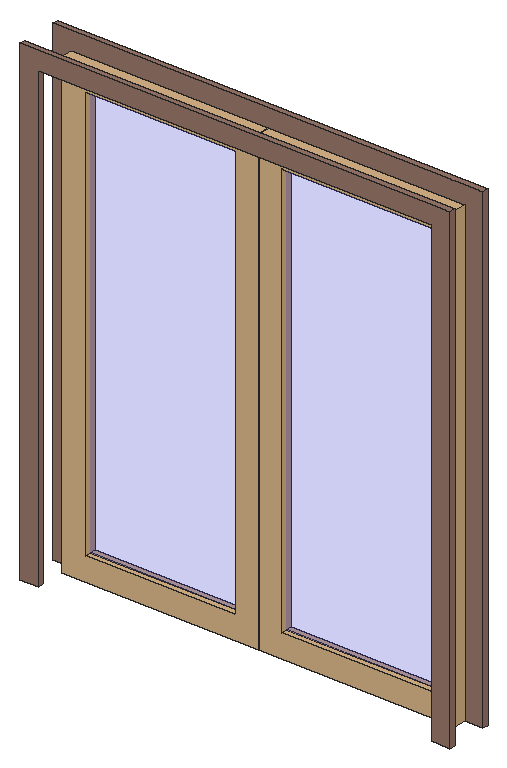
Revit family "M_Door-Double-Glass", category Doors, host Wall, Revit 2018
Family settings
  Host = Wall
  Always vertical = Yes
  Cut with Voids When Loaded = No
  Shared = No
  Room Calculation Point = No
Parameters (values of type "1700 x 2000mm")
  W = Width / 2  # 850 mm
  Visual Light Transmittance = 0
  Thickness = 50 mm
  Thermal Resistance (R) = 0.31964 (m²·K)/W
  Swing Angle [instance] = 90.00°
  Solar Heat Gain Coefficient = 0
  Glazing = Glass
  Construction Type Id = "opn-d45"
  Heat Transfer Coefficient (U) = 3.12872 W/(m²·K)
  Function = Interior
  Assembly Code = "C1020"
  Panel Material = Wood - Birch - Solid Stained Light Low Gloss
  Trim Material = Paint - Sienna
  Height = 2000 mm
  Bottom Rail = 100 mm
  Top Rail = 100 mm
  Stiles = 100 mm
  Trim Projection = 25 mm
  Trim Width = 80 mm
  Wall Closure = By host
  Width = 1700 mm
  Analytic Construction = "Wood frame, double glass door "
Reference planes
  plane 1 "Center (Front/Back)": y = 0
  plane 2: z = 0
  plane 3 "Center (Left/Right)": x = 0
  plane 4 "Left": x = -850
  plane 5 "Right": x = 850
  plane 6: z = 2000
  plane 7: z = 100
  plane 8: z = 1900
  plane 9: y = 928.581
  plane 10: x = 750
  plane 11: x = 100
  plane 12: x = -100
  plane 13: x = -750
  plane 14: y = 78.581
  plane 15 "Glass": y = 53.581
  plane 16: y = 28.581
Forms (mm)
  Extrusion 1, solid, material "Wood - Birch - Solid Stained Light Low Gloss" <- "Panel Material"
    sketch origin (0, 0, 0) x (1, 0, 0) y (0, 0, 1)
      loop
        line (0, 2000) -> (0, 0) -> (850, 0) -> (850, 2000) -> (0, 2000)
      loop
        line (100, 1900) -> (100, 100) -> (750, 100) -> (750, 1900) -> (100, 1900)
    from -78.581 to -28.581
  Extrusion 2, solid, material "Glass" <- "Glazing"
    sketch origin (-1013.387, 53.581, 1219.2) x (-1, 0, 0) y (0, 0, 1)
      loop
        line (-913.387, 680.8) -> (-913.387, -1119.2) -> (-263.387, -1119.2) -> (-263.387, 680.8) -> (-913.387, 680.8)
    from -3.175 to 3.175
  Extrusion 3, solid, material "Glass" <- "Glazing"
    sketch origin (-1013.387, 53.581, 1219.2) x (-1, 0, 0) y (0, 0, 1)
      loop
        line (-1113.387, 680.8) -> (-1763.387, 680.8) -> (-1763.387, -1119.2) -> (-1113.387, -1119.2) -> (-1113.387, 680.8)
    from -3.175 to 3.175
  Extrusion 4, solid, material "Paint - Sienna" <- "Trim Material", detail levels fine
    sketch origin (-2363.779, -73.819, 0) x (1, 0, 0) y (0, 0, 1)
      loop
        line (3213.779, 0) -> (3293.779, 0) -> (3293.779, 2080) -> (1433.779, 2080) -> (1433.779, 0) -> (1513.779, 0) -> (1513.779, 2000) -> (3213.779, 2000) -> (3213.779, 0)
    from 0 to 25
  Extrusion 5, solid, material "Wood - Birch - Solid Stained Light Low Gloss" <- "Panel Material"
    sketch origin (0, 0, 0) x (-1, 0, 0) y (0, 0, -1)
      loop
        line (0, -2000) -> (850, -2000) -> (850, 0) -> (0, 0) -> (0, -2000)
      loop
        line (100, -1900) -> (750, -1900) -> (750, -100) -> (100, -100) -> (100, -1900)
    from -78.581 to -28.581
  Extrusion 6, solid, material "Paint - Sienna" <- "Trim Material", detail levels fine
    sketch origin (-1538.119, 78.581, 1219.2) x (-1, 0, 0) y (0, 0, 1)
      loop
        line (-2388.119, -1219.2) -> (-2388.119, 780.8) -> (-688.119, 780.8) -> (-688.119, -1219.2) -> (-608.119, -1219.2) -> (-608.119, 860.8) -> (-2468.119, 860.8) -> (-2468.119, -1219.2) -> (-2388.119, -1219.2)
    from 0 to 25
Lines and regions (mm)
  Opening 1
    outline origin (-1524, -73.819, 3657.6) x (0, 0, -1) y (1, 0, 0)
      loop
        line (1657.6, 674) -> (3657.6, 674) -> (3657.6, 2374) -> (1657.6, 2374) -> (1657.6, 674)
  model lines
    curve 1: line (0, 0, 2000) -> (0, 0, 2000)
    curve 2: line (0, 0, 2000) -> (0, 0, 2000)
    curve 3: line (0, 0, 2000) -> (0, 0, 2000)
    curve 4: line (0, 0, 2000) -> (0, 0, 2000)
  symbolic lines, style "Elevation Swing"
    curve 5: line (0, 0, 2000) -> (-850, 0, 1000)
    curve 6: line (0, 0, 0) -> (-850, 0, 1000)
    curve 7: line (0, 0, 2000) -> (850, 0, 1000)
    curve 8: line (850, 0, 1000) -> (0, 0, 0)
  model lines, style "DoorsGlassProjection"
    curve 9: line (750, 53.581, 1900) -> (750, 53.581, 100)
    curve 10: line (100, 53.581, 1900) -> (100, 53.581, 100)
    curve 11: line (-100, 53.581, 1900) -> (-100, 53.581, 100)
    curve 12: line (-750, 53.581, 1900) -> (-750, 53.581, 100)
Text (mm)
  text "Exterior" at (-2000.66, 352.161, 0), in view "Ground floor"
Dimensions and locks
  equal spacing: plane 4 "Left", plane 3 "Center (Left/Right)", plane 5 "Right"
  "Width": plane 4 "Left" to plane 5 "Right"
  "Height": plane 6 to plane 2
  plane 2 to plane 6 = 2000 mm
  "Trim Width": Extrusion 4 sketch curve to plane 5 "Right"
  "Trim Width": Extrusion 4 sketch curve to plane 4 "Left"
  "Trim Width": Extrusion 4 sketch curve to plane 6
  "Trim Projection": Extrusion 4 to Extrusion 4
  "Bottom Rail": plane 2 to plane 7
  "Top Rail": plane 8 to plane 6
  equal spacing: level, curve 8, plane 6
  equal spacing: level, curve 6, plane 6
  equal spacing: host wall, host wall, host wall
  "W": plane 9 to host wall
  "Stiles": plane 10 to plane 5 "Right"
  "Stiles": plane 4 "Left" to plane 13
  equal spacing: plane 12, plane 3 "Center (Left/Right)", plane 11
  "Stiles": plane 3 "Center (Left/Right)" to plane 11
  Extrusion 2 to Extrusion 2 = 6.35 mm
  equal spacing: plane 14, plane 15 "Glass", plane 16
  "Thickness": plane 16 to plane 14
  "Trim Projection": Extrusion 6 to Extrusion 6
  "Trim Width": plane 5 "Right" to Extrusion 6 sketch curve
  "Trim Width": Extrusion 6 sketch curve to plane 4 "Left"
  "Trim Width": plane 6 to Extrusion 6 sketch curve
  aligned and locked: level to Extrusion 4 sketch curve
  aligned and locked: plane 2 to Extrusion 4 sketch curve
  aligned and locked: plane 6 to Extrusion 4 sketch curve  (x2)
  aligned and locked: plane 5 "Right" to Extrusion 4 sketch curve
  aligned and locked: host wall to Extrusion 1
  aligned and locked: Extrusion 1 sketch curve to plane 5 "Right"
  aligned and locked: Extrusion 1 sketch curve to plane 10
  aligned and locked: Extrusion 1 sketch curve to plane 11
  aligned and locked: Extrusion 1 sketch curve to plane 6
  aligned and locked: Extrusion 1 sketch curve to plane 8
  aligned and locked: Extrusion 1 sketch curve to plane 7
  aligned and locked: plane 2 to Extrusion 1 sketch curve
  aligned and locked: nested 1 to plane 5 "Right"
  aligned and locked: plane 14 to host wall
  aligned and locked: nested 1 to plane 14
  aligned and locked: plane 14 to nested 2
  aligned and locked: nested 2 to plane 4 "Left"
  aligned and locked: plane 3 "Center (Left/Right)" to Extrusion 1 sketch curve
  aligned and locked: plane 6 to Extrusion 5 sketch curve
  aligned and locked: plane 3 "Center (Left/Right)" to Extrusion 5 sketch curve
  aligned and locked: Extrusion 5 sketch curve to plane 4 "Left"
  aligned and locked: Extrusion 5 sketch curve to plane 2
  aligned and locked: plane 7 to Extrusion 5 sketch curve
  aligned and locked: Extrusion 5 sketch curve to plane 12
  aligned and locked: Extrusion 5 sketch curve to plane 13
  aligned and locked: plane 8 to Extrusion 5 sketch curve
  aligned and locked: Extrusion 5 to plane 14
  aligned and locked: Extrusion 5 to Extrusion 1
  aligned and locked: plane 16 to Extrusion 5
  aligned and locked: plane 16 to Extrusion 1
  aligned and locked: curve 10 to plane 11
  aligned and locked: curve 11 to plane 12
  aligned and locked: curve 12 to plane 13
  aligned and locked: plane 8 to curve 9
  aligned and locked: plane 8 to curve 10
  aligned and locked: plane 8 to curve 11
  aligned and locked: plane 8 to curve 12
  aligned and locked: plane 7 to curve 9
  aligned and locked: plane 7 to curve 10
  aligned and locked: plane 7 to curve 11
  aligned and locked: plane 7 to curve 12
  aligned and locked: curve 9 to plane 10
  aligned and locked: Extrusion 6 sketch curve to plane 5 "Right"
  aligned and locked: Extrusion 6 sketch curve to plane 6
  aligned and locked: plane 4 "Left" to Extrusion 6 sketch curve
Automatic sketch dimensions
  curve 1 to plane 3 "Center (Left/Right)" = 0 mm  (x2)
  curve 1 to plane 6 = 0 mm  (x2)
  curve 2 to plane 3 "Center (Left/Right)" = 0 mm
  curve 2 to plane 6 = 0 mm
  curve 3 to plane 3 "Center (Left/Right)" = 0 mm
  curve 3 to plane 6 = 0 mm
  curve 5 to plane 3 "Center (Left/Right)" = 0 mm
  curve 5 to plane 6 = 0 mm
  curve 8 to level = 0 mm
  plane 4 "Left" to curve 6 = 0 mm
  curve 6 to plane 3 "Center (Left/Right)" = 0 mm
  plane 5 "Right" to curve 8 = 0 mm
  plane 5 "Right" to Opening 1 sketch curve = 0 mm
  Opening 1 sketch curve to plane 6 = 0 mm
  Opening 1 sketch curve to level = 0 mm
  plane 4 "Left" to Opening 1 sketch curve = 0 mm
  Extrusion 2 sketch curve to plane 7 = 0 mm
  plane 12 to Extrusion 2 sketch curve = 0 mm
  plane 13 to Extrusion 2 sketch curve = 0 mm
  Extrusion 2 sketch curve to plane 8 = 0 mm
  Extrusion 3 sketch curve to plane 8 = 0 mm
  plane 10 to Extrusion 3 sketch curve = 0 mm
  Extrusion 3 sketch curve to plane 7 = 0 mm
  plane 11 to Extrusion 3 sketch curve = 0 mm
  plane 4 "Left" to Extrusion 4 sketch curve = 0 mm
  Extrusion 6 sketch curve to level = 0 mm  (x2)
Nested families
  nested 1: "Door Swing-Single" at (850, 78.581, 0), Swing Angle <- "Swing Angle", type "Single"
    with Swing Visible yes, Swing Angle 90.00°, Actual Angle 90.00°
  nested 2: "Door Swing-Single" at (-850, 78.581, 0) x (-1, 0, 0) z (0, 0, 1), Swing Angle <- "Swing Angle", type "Single"
    with Swing Visible yes, Swing Angle 90.00°, Actual Angle 90.00°
Definition of nested family "Door Swing-Single"
  Parameters (values of type "Single")
    Width = 900 mm
    Thickness = 45 mm
    Swing Visible [instance] = Swing Angle > 1.00°  # yes
    Swing Angle [instance] = 45.00°
    Assembly Code = ""
    Analytic Construction = "<None>"
    Actual Angle [instance] = if(Swing Angle < 1.00°, 1.00°, Swing Angle)  # 45.00°
  Reference planes
    plane 1 "Center (Front/Back)": y = 0
    plane 2: z = 0
    plane 3 "Center (Left/Right)": x = 0
    plane 4: x = -900
  Lines and regions (mm)
    Masking region 1
      outline origin (0, 0, 0) x (-0.707107, 0.707107, 0) y (-0.707107, -0.707107, 0)
        loop
          line (0, 0) -> (900, 0) -> (900, 45) -> (0, 45) -> (0, 0)
    symbolic lines
      curve 1: line (0, 0, 0) -> (-900, 0, 0)
    symbolic lines, visible <- "Swing Visible"
      curve 2: arc (-900, 0, 0) -> (-831.492, 344.415, 0) -> (-636.396, 636.396, 0) r 900
    reference lines
      curve 3: line (0, 0, 0) -> (-636.396, 636.396, 0)
    model lines
      curve 4: line (0, 0, 0) -> (0, 0, 25.4)
  Dimensions and locks
    "Width": plane 4 to plane 3 "Center (Left/Right)"
    locked: curve 2 to plane 3 "Center (Left/Right)"
    locked: curve 2 to plane 1 "Center (Front/Back)"
    "Width": curve 3 to curve 3
    "Thickness": Masking region 1 sketch curve to Masking region 1 sketch curve
    locked: curve 4 to plane 2 at 25.4
    "Width": radius of curve 2
    "Actual Angle": angle curve 2 to curve 2
    "Swing Angle": angle curve 3 to plane 1 "Center (Front/Back)"
    aligned and locked: curve 1 to plane 1 "Center (Front/Back)"
    aligned and locked: plane 3 "Center (Left/Right)" to curve 1
    aligned and locked: plane 3 "Center (Left/Right)" to curve 3
    aligned and locked: plane 1 "Center (Front/Back)" to curve 3
    aligned and locked: curve 3 to Masking region 1 sketch curve
    aligned and locked: Masking region 1 sketch curve to curve 3  (x2)
    aligned and locked: plane 3 "Center (Left/Right)" to curve 4
    aligned and locked: plane 2 to curve 4
